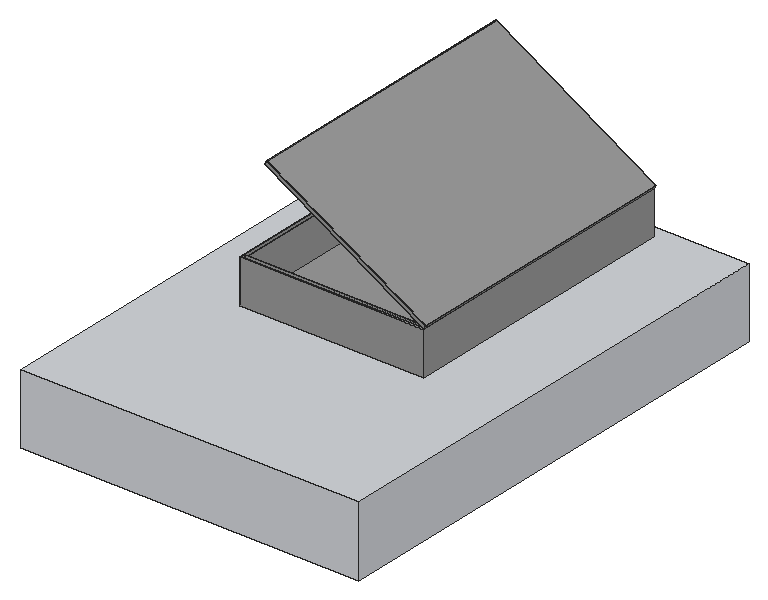
Revit family "Hager-Univers-IP54-D205-H1250-Cl.II-Encl-CH-it", category Equipement électrique, Revit 2020
Family settings
  Hôte = Face
  Configuration du panneau = Deux colonnes, circuits au sein
  Cote de connecteur circulaire = Utiliser le diamètre
  Type d'élément = Tableau de raccordement
  Couper avec des vides une fois chargée = Non
  Partagée = Non
  Point de calcul de pièce = Non
Parameters (values of type "A parete IP54 L800 A1250 P205  - FP83QSW")
  Width Control [instance] = if([EF000008 - Larghezza] > Min Width, [EF000008 - Larghezza], Min Width)  # 800 mm
  Commentaires du type = [HG000003 - Gamma]  # "Univers"
  Thickness Door [instance] = if([EF009171 - spessore materiale porta/coperchio] > 3 mm, 3 mm, [EF009171 - spessore materiale porta/coperchio])  # 1 mm
  Seal Frame Offset [instance] = 17 mm  # constant formula
  Plinth Visibility [instance] = [HG000027 - Altezza dello zoccolo] > 0 mm  # no
  Model = ""
  Min Width [instance] = 100 mm  # constant formula
  Min Height [instance] = 100 mm  # constant formula
  Min Depth [instance] = (2 * [EF009170 - spessore materiale scatola]) + 1 mm  # 3 mm
  Internal Frame Depth [instance] = (Door System Depth * 0.5)  # 9 mm
  Height Control [instance] = if([EF000040 - Altezza] > Min Height, [EF000040 - Altezza], Min Height)  # 1250 mm
  HG000027 - Altezza dello zoccolo = 0 mm
  HG000026 - A pavimento = no
  HG000024 - Altezza della sezione inferiore = 800 mm
  HG000023 - Custodia a doppia sezione = no
  HG000016 - Visibilità delle porte nella vista 3D [instance] = yes
  HG000015 - Visibilità attraverso la porta [instance] = no
  HG000014 - Porta destra [instance] = yes
  HG000013 - Porta sinistra [instance] = not([HG000014 - Porta destra])  # no
  HG000012 - Angolo di apertura della porta [instance] = 30.00°
  HG000010 - Porte asimmetriche = no
  HG000009 - Porta doppia a battente = no
  HG000006 - Ad incasso = no
  HG000004 - Codice produttore = "FP83QSW"
  HG000003 - Gamma = "Univers"
  HG000002 - Con porta = yes
  Frame Offset Bottom [instance] = 10 mm  # constant formula
  Frame Offset [instance] = 15 mm  # constant formula
  EF015940 - Coprire con rilascio di sovrapressione = no
  EF011959 - tipo di protezione (NEMA) = ""
  EF009554 - numero delle aperture per la piastra della flangia = 6
  Fabricant = "Hager"  # constant formula
  EF009212 - esecuzione coperchio = "EV000116 - chiuso"
  EF009171 - spessore materiale porta/coperchio = 1 mm
  EF009170 - spessore materiale scatola = 1 mm
  EF008873 - corrente nominale (In) = 250 A
  EF007800 - adatto per parafulmine = no
  EF006306 - con serratura = no
  EF006244 - coperchio/porta trasparente = no
  EF005474 - grado di protezione (IP) = "EV006419 - IP54"
  EF004464 - tipo di porta = "EV002646 - singolo"
  EF004427 - numero di moduli = 288
  EF004293 - resistenza agli urti = "EV006815 - IK09"
  EF003532 - adatto per uso esterno = no
  EF002950 - Numero moduli DIN = 36
  EF001613 - Integrità del circuito = "EV000494 - senza"
  EF001596 - Attacco Lampada = "EV000179 - acciaio"
  EF001131 - profondità interna = 143 mm
  EF001088 - possibilità di applicazione = yes
  EF000437 - numero di ingressi per conduttori = 6
  EF000339 - tipo di copertura = "EV001012 - coperchio"
  EF000266 - numero di file = 8
  EF000218 - profondità di incasso = 0 mm
  EF000118 - con piastra di montaggio = no
  EF000116 - numero RAL = "9010"
  EF000049 - profondità = 205 mm
  EF000040 - Altezza = 1250 mm
  EF000008 - Larghezza = 800 mm
  EF000007 - colore = "EV000202 - bianco"
  EF000003 - Tipo di montaggio = "EV000384 - A parete"
  Door System Leaf Tolerance [instance] = 1.5 mm  # constant formula
  Door System Depth [instance] = 18 mm  # constant formula
  Door Height [instance] = Height Control - [HG000027 - Altezza dello zoccolo]  # 1250 mm
  Depth Control [instance] = if([EF000049 - profondità] > Min Depth, [EF000049 - profondità], Min Depth)  # 205 mm
  Default Elevation = 0 mm
  Connector Offset [instance] = Height Control / 2  # 625 mm
  Bottom Top Plate Trim [instance] = 1.5 mm  # constant formula
  Plinth height Ctrl [instance] = if([HG000027 - Altezza dello zoccolo] > 0 mm, [HG000027 - Altezza dello zoccolo], 12 mm)  # 12 mm
Types (5, lengths in mm): name | Width Control | HG000009 - Porta doppia a battente | HG000004 - Codice produttore | EF009554 - numero delle aperture per la piastra della flangia | EF004464 - tipo di porta | EF004427 - numero di moduli | EF002950 - Numero moduli DIN | EF001131 - profondità interna | EF000437 - numero di ingressi per conduttori | EF000339 - tipo di copertura | EF000008 - Larghezza
  A parete IP54 L1050 A1250 P205  - FP84QSW | 1050 | yes | "FP84QSW" | 8 | "EV003602 - doppio" | 384 | 48 | 143 | 8 | "EV001012 - coperchio" | 1050
  A parete IP54 L1300 A1250 P205  - FP85QSW | 1300 | no | "FP85QSW" | 10 | "EV003602 - doppio" | 480 | 60 | 130 | 10 | "EV004216 - porta" | 1300
  A parete IP54 L300 A1250 P205  - FP81QSW | 300 | no | "FP81QSW" | 2 | "EV002646 - singolo" | 96 | 12 | 130 | 2 | "EV004216 - porta" | 300
  A parete IP54 L550 A1250 P205  - FP82QSW | 550 | no | "FP82QSW" | 4 | "EV002646 - singolo" | 192 | 24 | 130 | 4 | "EV004216 - porta" | 550
  A parete IP54 L800 A1250 P205  - FP83QSW | 800 | no | "FP83QSW" | 6 | "EV002646 - singolo" | 288 | 36 | 143 | 6 | "EV001012 - coperchio" | 800
Reference planes
  plane 1 "Center (Front/Back)": y = 0
  plane 2: z = 0
  plane 3 "Center (Left/Right)": x = 0
  plane 4: z = 205
  plane 5: y = 1
  plane 6: y = 625
  plane 7: y = 0
  plane 8: y = 1250
  plane 9: z = 0
  plane 10: x = -385
  plane 11: x = 385
  plane 12: x = 384
  plane 13: x = -384
  plane 14: y = 1249
  plane 15: x = -383
  plane 16: x = -400
  plane 17: x = 383
  plane 18: x = 400
  plane 19: x = 399
  plane 20: x = -399
  plane 21: y = 11
  plane 22: y = 1250
  plane 23: y = 1234
  plane 24: z = 187
  plane 25: z = 1
  plane 26: z = 186
  plane 27: z = 204
Forms (mm)
  Extrusion 1, solid
    sketch origin (0, 0, 0) x (1, 0, 0) y (0, 1, 0)
      loop
        line (-702.964, 1305) -> (-702.964, -811.445) -> (766.763, -811.445) -> (766.763, 1305) -> (-702.964, 1305)
    from 0 to -304.8
  Extrusion 2, solid, material "Hager_Steel_RAL7035_Light_Grey", visible <- "Plinth Visibility", detail levels medium+fine
    sketch origin (0, 0, 0) x (1, 0, 0) y (0, 1, 0)
      loop
        line (-400, 0) -> (400, 0) -> (400, 12) -> (-400, 12) -> (-400, 0)
    from 0 to 187
  Extrusion 3, solid, material "Hager_Steel_RAL7035_Light_Grey", detail levels medium+fine
    sketch origin (0, 0, 0) x (1, 0, 0) y (0, 1, 0)
      loop
        line (-400, 0) -> (400, 0) -> (400, 1250) -> (-400, 1250) -> (-400, 0)
    from 0 to 187
  Extrusion 4, void
    sketch origin (0, 0, 0) x (1, 0, 0) y (0, 1, 0)
      loop
        line (-399, 1) -> (399, 1) -> (399, 1249) -> (-399, 1249) -> (-399, 1)
    from 1 to 186
  Extrusion 5, void
    sketch origin (-381.607, -4572, 187) x (0, -1, 0) y (-1, 0, 0)
      loop
        line (-4583, 2.393) -> (-5806, 2.393) -> (-5806, -765.607) -> (-4583, -765.607) -> (-4583, 2.393)
    from 0 to 1 <- "EF009170 - spessore materiale scatola"
  Extrusion 6, solid, material "Hager_Steel_RAL7035_Light_Grey", detail levels fine
    sketch origin (0, 0, 187) x (1, 0, 0) y (0, 1, 0)
      loop
        line (-384, 1234) -> (-384, 11) -> (384, 11) -> (384, 1234) -> (-384, 1234)
      loop
        line (-385, 10) -> (385, 10) -> (385, 1235) -> (-385, 1235) -> (-385, 10)
    from 0 to 9 <- "Internal Frame Depth"
  Extrusion 7, solid, material "Hager_Steel_RAL7035_Light_Grey", detail levels coarse
    sketch origin (0, 0, 0) x (1, 0, 0) y (0, 1, 0)
      loop
        line (-400, 0) -> (400, 0) -> (400, 1250) -> (-400, 1250) -> (-400, 0)
    from 0 to 205
  Sweep 8, void
    path in 3D
      loop
        line (-400, 12, 0) -> (400, 12, 0) -> (400, 12, 187) -> (-400, 12, 187) -> (-400, 12, 0)
    profile origin (-400, 12, 93.5) x (-1, 0, 0) y (0, -1, 0)
      loop
        line (0, 0) -> (0, 1.5) -> (-1.5, 1.5)
        arc (-1.5, 1.5) -> (-1.061, 0.439) -> (0, 0) r 1.5
Cuts and joins
  Extrusion 4, Extrusion 5 cuts Extrusion 3
  Sweep 8 cuts Extrusion 2
Lines and regions (mm)
  Masking region 1
    outline origin (0, 0, 0) x (1, 0, 0) y (0, 0, 1)
      loop
        line (-400, 205) -> (-400, 0) -> (400, 0) -> (400, 205) -> (-400, 205)
  Masking region 2, detail levels medium+fine
    outline origin (0, 140, 0) x (0, 1, 0) y (0, 0, 1)
      loop
        line (-140, 0) -> (1110, 0) -> (1110, 187) -> (-140, 187) -> (-140, 0)
  Masking region 3, not visible, detail levels medium+fine
    outline origin (0, 297.922, 0) x (0, 1, 0) y (0, 0, 1)
      loop
        line (338.578, 0) -> (378.578, 0) -> (378.578, 194)
        arc (378.578, 194) -> (375.649, 201.071) -> (368.578, 204) r 10
        line (368.578, 204) -> (338.578, 204) -> (338.578, 0)
  Masking region 4, detail levels coarse
    outline origin (0, 0, 180) x (0, 1, 0) y (0, 0, 1)
      loop
        line (0, -180) -> (1250, -180) -> (1250, 25) -> (0, 25) -> (0, -180)
  Masking region 5, visible <- "Plinth Visibility", detail levels medium+fine
    outline origin (0, 52.24, 12.345) x (0, 0, -1) y (0, 1, 0)
      loop
        line (10.845, -40.24) -> (-173.155, -40.24)
        arc (-173.155, -40.24) -> (-173.594, -41.301) -> (-174.655, -41.74) r 1.5
        line (-174.655, -41.74) -> (-174.655, -52.24) -> (12.345, -52.24) -> (12.345, -41.74)
        arc (12.345, -41.74) -> (11.285, -41.301) -> (10.845, -40.24) r 1.5
  Masking region 6, detail levels medium+fine
    outline origin (-381.607, -4572, 187) x (-1, 0, 0) y (0, -1, 0)
      loop
        line (18.393, -5822) -> (18.393, -4572) -> (-781.607, -4572) -> (-781.607, -5822) -> (18.393, -5822)
  Masking region 7, visible <- "Plinth Visibility", detail levels medium+fine
    outline origin (-381.607, -4727, 187) x (-1, 0, 0) y (0, -1, 0)
      loop
        arc (16.893, -4739) -> (17.332, -4737.939) -> (18.393, -4737.5) r 1.5
        line (18.393, -4737.5) -> (18.393, -4727) -> (-781.607, -4727) -> (-781.607, -4737.5)
        arc (-781.607, -4737.5) -> (-780.546, -4737.939) -> (-780.107, -4739) r 1.5
        line (-780.107, -4739) -> (16.893, -4739)
  Masking region 8, detail levels coarse
    outline origin (-442.548, -4669.526, 187) x (-1, 0, 0) y (0, -1, 0)
      loop
        line (-42.548, -5919.526) -> (-42.548, -4669.526) -> (-842.548, -4669.526) -> (-842.548, -5919.526) -> (-42.548, -5919.526)
  sketch lines
    curve 1: line (-400, 12, 187) -> (-400, 12, 0)
    curve 2: line (400, 12, 187) -> (-400, 12, 187)
    curve 3: line (400, 12, 187) -> (400, 12, 0)
    curve 4: line (-400, 12, 0) -> (400, 12, 0)
Dimensions and locks
  "Depth Control": plane 4 to Extrusion 1
  "HG000027 - Altezza dello zoccolo": plane 1 "Center (Front/Back)" to plane 7
  "EF009170 - spessore materiale scatola": plane 5 to plane 7
  locked: connector elem to plane 3 "Center (Left/Right)"
  equal spacing: plane 8, plane 6, plane 7
  locked: connector elem to plane 6
  "EF009170 - spessore materiale scatola": plane 8 to plane 14
  "EF009170 - spessore materiale scatola": plane 10 to plane 13
  "EF009170 - spessore materiale scatola": plane 12 to plane 11
  "Frame Offset": plane 20 to plane 13
  "Frame Offset": plane 12 to plane 19
  "EF009170 - spessore materiale scatola": plane 16 to plane 20
  "EF009170 - spessore materiale scatola": plane 19 to plane 18
  "Seal Frame Offset": plane 16 to plane 15
  "Seal Frame Offset": plane 17 to plane 18
  "Frame Offset Bottom": plane 21 to plane 5
  "Frame Offset": plane 14 to plane 23
  equal spacing: plane 16, plane 3 "Center (Left/Right)", plane 18
  "Width Control": plane 16 to plane 18
  "EF009170 - spessore materiale scatola": plane 4 to plane 27
  "EF009170 - spessore materiale scatola": plane 24 to plane 26
  "EF009170 - spessore materiale scatola": plane 25 to level
  "Door System Depth": plane 4 to plane 24
  "Height Control": plane 1 "Center (Front/Back)" to Extrusion 7 sketch curve
  "Height Control": Masking region 4 sketch curve to plane 1 "Center (Front/Back)"
  "Height Control": plane 1 "Center (Front/Back)" to plane 22
  "Bottom Top Plate Trim": profile plane to Sweep 8 sketch curve
  "Bottom Top Plate Trim": Sweep 8 sketch curve to profile plane
  "Plinth height Ctrl": plane 1 "Center (Front/Back)" to Extrusion 2 sketch curve
  "Plinth height Ctrl": Masking region 5 sketch curve to plane 1 "Center (Front/Back)"
  "Plinth height Ctrl": plane 1 "Center (Front/Back)" to Masking region 7 sketch curve
  "Thickness Door": Extrusion 6 sketch curve to Extrusion 6 sketch curve  (x3)
  "Thickness Door": cut or joined group of Extrusion 3, Extrusion 4, Extrusion 5 to Extrusion 6 sketch curve
  radius of Masking region 3 sketch curve = 10 mm
  "Bottom Top Plate Trim": radius of Masking region 5 sketch curve  (x2)
  "Bottom Top Plate Trim": radius of Sweep 8 sketch curve
  "Bottom Top Plate Trim": radius of Masking region 7 sketch curve  (x2)
  aligned and locked: plane 2 to Extrusion 1
  aligned and locked: level to Extrusion 1
  aligned and locked: level to Masking region 1 sketch curve
  aligned and locked: Masking region 1 sketch curve to plane 18
  aligned and locked: Masking region 1 sketch curve to plane 16
  aligned and locked: plane 7 to Masking region 2 sketch curve
  aligned and locked: level to Masking region 3 sketch curve
  aligned and locked: Masking region 3 sketch curve to plane 27
  aligned and locked: level to Masking region 2 sketch curve
  aligned and locked: plane 1 "Center (Front/Back)" to Extrusion 2 sketch curve
  aligned and locked: Extrusion 3 sketch curve to plane 7
  aligned and locked: plane 16 to Extrusion 3 sketch curve
  aligned and locked: plane 18 to Extrusion 3 sketch curve
  aligned and locked: plane 20 to Extrusion 4 sketch curve
  aligned and locked: plane 19 to Extrusion 4 sketch curve
  aligned and locked: Extrusion 4 sketch curve to plane 5
  aligned and locked: Extrusion 4 to plane 25
  aligned and locked: plane 26 to Extrusion 4
  aligned and locked: plane 24 to Extrusion 3
  aligned and locked: Extrusion 5 sketch curve to plane 21
  aligned and locked: Extrusion 5 sketch curve to plane 13
  aligned and locked: Extrusion 5 sketch curve to plane 12
  aligned and locked: plane 18 to Extrusion 7 sketch curve
  aligned and locked: plane 1 "Center (Front/Back)" to Extrusion 7 sketch curve
  aligned and locked: plane 16 to Extrusion 7 sketch curve
  aligned and locked: plane 4 to Extrusion 7
  aligned and locked: Extrusion 7 to level
  aligned and locked: level to Masking region 4 sketch curve
  aligned and locked: Masking region 4 sketch curve to plane 1 "Center (Front/Back)"
  aligned and locked: Masking region 4 sketch curve to plane 4
  aligned and locked: nested 1 to level
  aligned and locked: nested 1 to plane 16
  aligned and locked: plane 8 to Extrusion 3 sketch curve
  aligned and locked: plane 23 to Extrusion 5 sketch curve
  aligned and locked: plane 14 to Extrusion 4 sketch curve
  aligned and locked: Masking region 2 sketch curve to plane 8
  aligned and locked: level to Masking region 5 sketch curve
  aligned and locked: plane 16 to Extrusion 2 sketch curve
  aligned and locked: plane 18 to Extrusion 2 sketch curve
  aligned and locked: Masking region 5 sketch curve to plane 24
  aligned and locked: Masking region 2 sketch curve to plane 24
  aligned and locked: plane 24 to Extrusion 2
  aligned and locked: profile plane to Sweep 8 sketch curve  (x2)
  aligned and locked: Masking region 6 sketch curve to plane 18
  aligned and locked: Masking region 6 sketch curve to plane 22
  aligned and locked: Masking region 6 sketch curve to plane 16
  aligned and locked: plane 8 to plane 22
  aligned and locked: Masking region 6 sketch curve to plane 7
  aligned and locked: Masking region 7 sketch curve to plane 16
  aligned and locked: Masking region 7 sketch curve to plane 1 "Center (Front/Back)"
  aligned and locked: Masking region 7 sketch curve to plane 18
  aligned and locked: Masking region 8 sketch curve to plane 1 "Center (Front/Back)"
  aligned and locked: Masking region 8 sketch curve to plane 18
  aligned and locked: Masking region 8 sketch curve to plane 22
  aligned and locked: Masking region 8 sketch curve to plane 16
  aligned and locked: nested 2 to plane 7
  aligned and locked: plane 3 "Center (Left/Right)" to nested 2
  aligned and locked: nested 2 to plane 24
  aligned and locked: Extrusion 6 sketch curve to cut or joined group of Extrusion 3, Extrusion 4, Extrusion 5  (x4)
Automatic sketch dimensions
  Extrusion 1 sketch curve to Extrusion 1 sketch curve = 1469.727 mm
  Extrusion 1 sketch curve to Extrusion 1 sketch curve = 2116.445 mm
  Masking region 1 sketch curve to plane 4 = 0 mm
  plane 6 to Masking region 3 sketch curve = 11.5 mm
  Masking region 3 sketch curve to Masking region 3 sketch curve = 30 mm
  Masking region 5 sketch curve to plane 1 "Center (Front/Back)" = 0 mm
Nested families
  nested 1: "Hager_Enclosure_Symbol" at (-400, 0, 0) x (1, 0, 0) z (0, -1, 0), Height <- "Depth Control", Width <- "Width Control", type "Hager_Enclosure_Symbol"
    with Width_Ctrl 800 mm, Width 800 mm, Height_Ctrl 205 mm, Height 205 mm, A_Width_Int 13.453 mm, A_Width 161.438 mm, A_Height_Ctrl 179.375 mm, A_Height 179.375 mm
  nested 2: "EC000058_Univers_Door" at (0, 0, 187) x (1, 0, 0) z (0, 1, 0), Leaf_Tolerance <- "Door System Leaf Tolerance", Angle <- "HG000012 - Angolo di apertura della porta", Door_Depth <- "Door System Depth", Door_Left <- "HG000013 - Porta sinistra", Transparent <- "EF006244 - coperchio/porta trasparente", Assymetrical <- "HG000010 - Porte asimmetriche", Width <- "Width Control", Clearance <- "HG000015 - Visibilità attraverso la porta", Double <- "HG000009 - Porta doppia a battente", 3d_Door <- "HG000016 - Visibilità delle porte nella vista 3D", Lock_Visibility <- "EF006306 - con serratura", Width_Ctrl <- "Width Control", Door_Right <- "HG000014 - Porta destra", Door <- "HG000002 - Con porta", Height <- "Door Height", Thickness <- "Thickness Door", type "EC000058_Univers_Door", detail levels medium+fine
    with min_wh 3 mm, Width_Ctrl 800 mm, Width 800 mm, Transparent no, Thickness 1 mm, Seal_Material Hager_Rubber, Lock_Visibility no, Lock_Material Hager_Plastic_RAL9005_Jet_Black, Leaf_Width 800 mm, Leaf_Tolerance_External_Sides 0 mm, Leaf_Tolerance 1.5 mm, Leaf_Offset 0 mm, Leaf_Height 1247 mm, Leaf_2_Width 800 mm, Leaf_2_Offset 400 mm, Leaf_1_Width 800 mm, Leaf_1_Offset 400 mm, Height_Ctrl 1250 mm, Height 1250 mm, Glass_Material Hager_Glass, Double_Clearance_Ctrl no, Double no, Door_Right_Ctrl yes, Door_Right yes, Door_Material Hager_Steel_RAL7035_Light_Grey, Door_Left_Ctrl no, Door_Left no, Door_Depth 18 mm, Door yes, Clearance_Material Hager_Clearance, Clearance_Depth 800 mm, Clearance_Ctrl no, Clearance no, Assymetrical no, Angle 30.00°, 3d_Door yes
Connectors
  electrical at (0, 625, 0)
    settings: on plane 9, index 1, voltage 0 V, apparent load 0 VA, apparent load phase1 0 VA, apparent load phase2 0 VA, apparent load phase3 0 VA, power factor 1, load classification "Other", number of poles 1, system type 30, power factor state 1, is connector primary yes, connector utility no, sub classification motor no, connector description ""
Definition of nested family "EC000058_Univers_Door"
  Parameters (values of type "EC000058_Univers_Door")
    min_wh [instance] = (2 * Thickness) + 1 mm  # 11 mm
    Width_Ctrl [instance] = 400 mm
    Width [instance] = 500 mm
    Transparent [instance] = yes
    Thickness [instance] = 5 mm
    Seal_Material [instance] = none
    Lock_Visibility [instance] = yes
    Lock_Material [instance] = none
    Leaf_Width [instance] = if((Width_Ctrl - 2 * Leaf_Tolerance_External_Sides) > 0 mm, (Width_Ctrl - 2 * Leaf_Tolerance_External_Sides), min_wh)  # 400 mm
    Leaf_Tolerance_External_Sides [instance] = 0 mm  # constant formula
    Leaf_Tolerance [instance] = 1.5 mm
    Leaf_Offset [instance] = 0 mm  # constant formula
    Leaf_Height [instance] = if((Height_Ctrl - 2 * Leaf_Tolerance) > 0 mm, (Height_Ctrl - 2 * Leaf_Tolerance), min_wh)  # 497 mm
    Leaf_2_Width [instance] = if(and(and(Double, Assymetrical), Door_Left), (Leaf_Width / 3) - (Leaf_Tolerance / 2), if(and(and(Double, Assymetrical), Door_Right), (Leaf_Width / 3) * 2 - (Leaf_Tolerance / 2), if(and(Double, not(Assymetrical)), (Leaf_Width / 2) - Leaf_Tolerance, Leaf_Width)))  # 400 mm
    Leaf_2_Offset [instance] = if(and(Double, Assymetrical), Leaf_2_Width / 2, if(and(Double, not(Assymetrical)), Leaf_Width / 4, Leaf_Width / 2))  # 200 mm
    Leaf_1_Width [instance] = if(and(and(Double, Assymetrical), Door_Right), (Leaf_Width / 3) - (Leaf_Tolerance / 2), if(and(and(Double, Assymetrical), Door_Left), (Width / 3) * 2 - (Leaf_Tolerance / 2), if(and(Double, not(Assymetrical)), (Leaf_Width / 2) - Leaf_Tolerance, Leaf_Width)))  # 400 mm
    Leaf_1_Offset [instance] = if(and(Double, Assymetrical), Leaf_1_Width / 2, if(and(Double, not(Assymetrical)), Leaf_Width / 4, Leaf_Width / 2))  # 200 mm
    Height_Ctrl [instance] = if(Height > min_wh, Height, min_wh)  # 500 mm
    Height [instance] = 500 mm
    Glass_Material [instance] = none
    Double_Clearance_Ctrl [instance] = and(Double, Clearance)  # no
    Double [instance] = no
    Door_Right_Ctrl [instance] = and(or(Door_Right, Double), Door)  # yes
    Door_Right [instance] = yes
    Door_Material [instance] = none
    Door_Left_Ctrl [instance] = and(or(Door_Left, Double), Door)  # no
    Door_Left [instance] = no
    Door_Depth [instance] = 30 mm
    Door [instance] = yes
    Default Elevation = 1219.2 mm
    Clearance_Material [instance] = none
    Clearance_Depth [instance] = if(Leaf_1_Width > Leaf_2_Width, Leaf_1_Width, Leaf_2_Width)  # 400 mm
    Clearance_Ctrl [instance] = and(not(Double), Clearance)  # yes
    Clearance [instance] = yes
    Assymetrical [instance] = yes
    Angle [instance] = 30.00°
    3d_Door [instance] = yes
  Reference planes
    plane 1 "Center (Front/Back)": y = 0
    plane 2 "Bottom": z = 0
    plane 3 "Center (Left/Right)": x = 0
    plane 4: z = 500
    plane 5: x = -200
    plane 6: x = 200
    plane 7: z = 500
    plane 8: x = -200
    plane 9: z = 0
    plane 10: x = 200
    plane 11: y = 0
    plane 12: z = 1.5
    plane 13: x = -600
    plane 14: y = -400
    plane 15: x = 600
    plane 16: x = 0
    plane 17: x = 0
    plane 18: x = -200
    plane 19: x = 200
    plane 20: z = 498.5
  Forms (mm)
    Extrusion 1, solid, material <- "Clearance_Material", visible <- "Double_Clearance_Ctrl"
      sketch origin (1200, 0, 0) x (1, 0, 0) y (0, 0, -1)
        loop
          line (-1800, -498.5) -> (-600, -498.5) -> (-600, 0) -> (-1800, 0) -> (-1800, -498.5)
      from 0 to -400
  Dimensions and locks
    equal spacing: plane 5, plane 3 "Center (Left/Right)", plane 6
    "Width_Ctrl": plane 5 to plane 6
    "Leaf_Offset": plane 5 to plane 8
    "Leaf_Offset": plane 6 to plane 10
    "Leaf_Offset": plane 9 to level
    "Leaf_Offset": plane 4 to plane 7
    "Height_Ctrl": plane 4 to level
    "Leaf_Tolerance": plane 12 to plane 9
    locked: plane 11 to plane 1 "Center (Front/Back)"
    "Leaf_1_Offset": plane 18 to plane 16
    "Leaf_2_Offset": plane 17 to plane 19
    "Leaf_1_Width": plane 13 to plane 8
    "Leaf_2_Width": plane 10 to plane 15
    "Clearance_Depth": plane 14 to plane 1 "Center (Front/Back)"
    "Leaf_Tolerance_External_Sides": plane 8 to plane 18
    "Leaf_Tolerance_External_Sides": plane 19 to plane 10
    "Leaf_Tolerance": plane 7 to plane 20
    aligned and locked: level to plane 2 "Bottom"
    aligned and locked: nested 1 to plane 16
    aligned and locked: nested 2 to plane 17
    aligned and locked: Extrusion 1 to plane 13
    aligned and locked: plane 15 to Extrusion 1
    aligned and locked: Extrusion 1 to plane 14
    aligned and locked: plane 12 to nested 1
    aligned and locked: nested 2 to plane 12
    aligned and locked: Extrusion 1 to plane 11
    aligned and locked: plane 20 to Extrusion 1
    aligned and locked: nested 2 to plane 11
    aligned and locked: nested 1 to plane 11
  Automatic sketch dimensions
    Extrusion 1 sketch curve to level = 0 mm
    plane 5 to Extrusion 1 sketch curve = 400 mm
    plane 6 to Extrusion 1 sketch curve = 400 mm
    Extrusion 1 sketch curve to plane 4 = 1.5 mm
  Nested families
    nested 1: "EC000058_Univers_Door_Leaf" at (0, 0, 1.5), Width <- "Leaf_1_Width", visible <- "Door_Left_Ctrl", Leaf_Height <- "Leaf_Height", Angle <- "Angle", 3d_Door <- "3d_Door", Transparent <- "Transparent", Clearance Material <- "Clearance_Material", Clearance <- "Clearance_Ctrl", Door_Material <- "Door_Material", Glass_Material <- "Glass_Material", Door_Depth <- "Door_Depth", Lock_Material <- "Lock_Material", Seal_Material <- "Seal_Material", Lock_Visibility <- "Lock_Visibility", Thickness <- "Thickness", type "EC000058_Univers_Door_Leaf"
      with Width 400 mm, Transparent_Glass_Offset 30 mm, Transparent_Ctrl yes, Transparent yes, Thickness 5 mm, Standard no, Seal_Material none, Seal_D2 8 mm, Seal_D1 1 mm, Offset_Internal_Frame 10 mm, Lock_Width 20 mm, Lock_Visibility_3d yes, Lock_Visibility yes, Lock_Thickness_3 3 mm, Lock_Thickness_2 1 mm, Lock_Thickness_1 3 mm, Lock_Radius_Offset_2 16 mm, Lock_Radius_Offset_1 15 mm, Lock_Radius_2 5 mm, Lock_Radius 6 mm, Lock_Offset 5 mm, Lock_Material none, Lock_Height 80 mm, Lock_Cover_Top_Offset_2d 17 mm, Lock_Cover_Height -65 mm, Leaf_Height 497 mm, Internal_Seal_Thickness 8 mm, Internal_Seal_Depth_2 4.5 mm, Internal_Frame_Depth 25 mm, Glass_Thickness -1 mm, Glass_Offset -2 mm, Glass_Material none, Door_Material none, Door_Depth 30 mm, Clearance Material none, Clearance yes, Angle_Ctrl 30.00°, Angle 30.00°, 3d_Door yes
    nested 2: "EC000058_Univers_Door_Leaf" at (0, 0, 1.5) x (-1, 0, 0) z (0, 0, 1), Width <- "Leaf_2_Width", visible <- "Door_Right_Ctrl", Leaf_Height <- "Leaf_Height", Angle <- "Angle", 3d_Door <- "3d_Door", Transparent <- "Transparent", Clearance Material <- "Clearance_Material", Clearance <- "Clearance_Ctrl", Door_Material <- "Door_Material", Glass_Material <- "Glass_Material", Door_Depth <- "Door_Depth", Lock_Material <- "Lock_Material", Seal_Material <- "Seal_Material", Lock_Visibility <- "Lock_Visibility", Thickness <- "Thickness", type "EC000058_Univers_Door_Leaf"
      with Width 400 mm, Transparent_Glass_Offset 30 mm, Transparent_Ctrl yes, Transparent yes, Thickness 5 mm, Standard no, Seal_Material none, Seal_D2 8 mm, Seal_D1 1 mm, Offset_Internal_Frame 10 mm, Lock_Width 20 mm, Lock_Visibility_3d yes, Lock_Visibility yes, Lock_Thickness_3 3 mm, Lock_Thickness_2 1 mm, Lock_Thickness_1 3 mm, Lock_Radius_Offset_2 16 mm, Lock_Radius_Offset_1 15 mm, Lock_Radius_2 5 mm, Lock_Radius 6 mm, Lock_Offset 5 mm, Lock_Material none, Lock_Height 80 mm, Lock_Cover_Top_Offset_2d 17 mm, Lock_Cover_Height -65 mm, Leaf_Height 497 mm, Internal_Seal_Thickness 8 mm, Internal_Seal_Depth_2 4.5 mm, Internal_Frame_Depth 25 mm, Glass_Thickness -1 mm, Glass_Offset -2 mm, Glass_Material none, Door_Material none, Door_Depth 30 mm, Clearance Material none, Clearance yes, Angle_Ctrl 30.00°, Angle 30.00°, 3d_Door yes
  Definition of nested family "EC000058_Univers_Door_Leaf"
    Parameters (values of type "EC000058_Univers_Door_Leaf")
      Width [instance] = 2000 mm
      Transparent_Glass_Offset [instance] = 30 mm
      Transparent_Ctrl [instance] = and(Transparent, [3d_Door])  # yes
      Transparent [instance] = yes
      Thickness [instance] = 5 mm
      Standard [instance] = and(not(Transparent), [3d_Door])  # no
      Seal_Material [instance] = none
      Seal_D2 [instance] = 8 mm  # constant formula
      Seal_D1 [instance] = 1 mm  # constant formula
      Offset_Internal_Frame [instance] = 10 mm  # constant formula
      Lock_Width [instance] = 20 mm  # constant formula
      Lock_Visibility_3d [instance] = and(Lock_Visibility, [3d_Door])  # yes
      Lock_Visibility [instance] = yes
      Lock_Thickness_3 [instance] = 3 mm  # constant formula
      Lock_Thickness_2 [instance] = 1 mm  # constant formula
      Lock_Thickness_1 [instance] = 3 mm  # constant formula
      Lock_Radius_Offset_2 [instance] = Lock_Radius_Offset_1 + 1 mm  # 16 mm
      Lock_Radius_Offset_1 [instance] = 15 mm  # constant formula
      Lock_Radius_2 [instance] = Lock_Radius - 1 mm  # 5 mm
      Lock_Radius [instance] = 6 mm  # constant formula
      Lock_Offset [instance] = 5 mm  # constant formula
      Lock_Material [instance] = none
      Lock_Height [instance] = 80 mm  # constant formula
      Lock_Cover_Top_Offset_2d [instance] = Lock_Radius_Offset_2 + 1 mm  # 17 mm
      Lock_Cover_Height [instance] = -(Lock_Height - Lock_Radius_Offset_1)  # -65 mm
      Leaf_Height [instance] = 2720.336 mm
      Internal_Seal_Thickness [instance] = 8 mm  # constant formula
      Internal_Seal_Depth_2 [instance] = 4.5 mm  # constant formula
      Internal_Frame_Depth [instance] = if(Door_Depth - Thickness > 5 mm, Door_Depth - Thickness, 5 mm)  # 25 mm
      Glass_Thickness [instance] = if(Thickness > 15 mm, Glass_Offset + 10 mm, -1 mm)  # -1 mm
      Glass_Offset [instance] = if(Thickness > 15 mm, -(Thickness + 10 mm) / 2, -2 mm)  # -2 mm
      Glass_Material [instance] = none
      Door_Material [instance] = none
      Door_Depth [instance] = 30 mm
      Default Elevation = 0 mm
      Clearance Material [instance] = none
      Clearance [instance] = yes
      Angle_Ctrl [instance] = if(Angle > 180.00°, 180.00°, Angle)  # 90.00°
      Angle [instance] = 90.00°
      3d_Door [instance] = yes
    Reference planes
      plane 1 "Center (Front/Back)": y = 0
      plane 2: z = 0
      plane 3 "Center (Left/Right)": x = 0
      plane 4: y = 2000
      plane 5: x = -1000
      plane 6: x = 1000
      plane 7: x = -3000
      plane 8: z = 2720.336
      plane 9: z = 30
      plane 10: z = 2690.336
      plane 11: x = 970
      plane 12: x = -970
      plane 13: y = -3
      plane 14: z = 107.833
      plane 15: y = -5
      plane 16: y = -223.314
      plane 17: x = -1000
      plane 18: z = 1360.168
      plane 19: y = 30
    Forms (mm)
      Extrusion 1, solid, material <- "Clearance Material", visible <- "Clearance"
        sketch origin (0, 0, 0) x (1, 0, 0) y (0, 0, 1)
          loop
            line (-3000, 2720.336) -> (-3000, 0) -> (1000, 0) -> (1000, 2720.336) -> (-3000, 2720.336)
        from 0 to -2000
      Extrusion 2, solid, material <- "Door_Material", visible <- "Standard", detail levels medium+fine
        sketch origin (-1000, 0, 0) x (0, 1, 0) y (-1, 0, 0)
          loop
            line (0, 30) -> (0, 25) -> (2000, 25) -> (2000, 30) -> (0, 30)
        from 0 to 2720.336 <- "Leaf_Height"
      Extrusion 3, solid, material <- "Door_Material", visible <- "Transparent_Ctrl", detail levels medium+fine
        sketch origin (-1000, 0, 0) x (0, 1, 0) y (-1, 0, 0)
          loop
            line (0, 25) -> (2000, 25) -> (2000, 30) -> (0, 30) -> (0, 25)
        from 0 to 2720.336 <- "Leaf_Height"
      Extrusion 4, void
        sketch origin (-1025, 2000, 0) x (0, 1, 0) y (0, 0, -1)
          loop
            line (-30, -2690.336) -> (-30, -30) -> (-1970, -30) -> (-1970, -2690.336) -> (-30, -2690.336)
        from 0 to 5 <- "Thickness"
      Sweep 5, solid, material <- "Seal_Material", visible <- "Transparent_Ctrl", detail levels fine
        path in 3D
          loop
            line (-1025, 30, 30) -> (-1025, 30, 2690.336) -> (-1025, 1970, 2690.336) -> (-1025, 1970, 30) -> (-1025, 30, 30)
        profile origin (-1025, 1000, 30) x (1, 0, 0) y (0, 0, 1)
          loop
            line (0, 0) -> (0, -8) -> (1, -8) -> (1, 0) -> (0, 0)
      Extrusion 6, solid, material <- "Glass_Material", visible <- "Transparent_Ctrl", detail levels medium+fine
        sketch origin (-1030, 0, 0) x (0, 1, 0) y (0, 0, -1)
          loop
            line (1970, -2690.336) -> (1970, -30) -> (30, -30) -> (30, -2690.336) -> (1970, -2690.336)
        from -2 <- "Glass_Offset" to -1 <- "Glass_Thickness"
      Extrusion 7, solid, material <- "Door_Material", visible <- "3d_Door", detail levels medium+fine
        sketch origin (-1025, 2000, 0) x (0, -1, 0) y (0, 0, -1)
          loop
            line (0, -2720.336) -> (2000, -2720.336) -> (2000, 0) -> (0, 0) -> (0, -2720.336)
          loop
            line (1995, -5) -> (5, -5) -> (5, -2715.336) -> (1995, -2715.336) -> (1995, -5)
        from 0 to 25 <- "Internal_Frame_Depth"
      Sweep 8, solid, material <- "Seal_Material", visible <- "Transparent_Ctrl", detail levels fine
        path in 3D
          loop
            line (-1025, 0, 0) -> (-1025, 2000, 0) -> (-1025, 2000, 2720.336) -> (-1025, 0, 2720.336) -> (-1025, 0, 0)
        profile origin (-1025, 0, 1360.168) x (1, 0, 0) y (0, 1, 0)
          loop
            line (0, 10) -> (2.975, 10)
            arc (2.975, 10) -> (4.053, 10.447) -> (4.5, 11.525) r 1.525
            line (4.5, 11.525) -> (4.5, 16.527)
            arc (4.5, 16.527) -> (4.069, 17.569) -> (3.027, 18) r 1.473
            line (3.027, 18) -> (0, 18) -> (0, 10)
      Extrusion 9, solid, material <- "Lock_Material", visible <- "Lock_Visibility_3d", detail levels fine
        sketch origin (-1030, 0, 0) x (0, 1, 0) y (0, 0, -1)
          loop
            arc (1993.5, -1400.168) -> (1994.561, -1399.729) -> (1995, -1398.668) r 1.5
            line (1995, -1398.668) -> (1995, -1320.168) -> (1975, -1320.168) -> (1975, -1398.668)
            arc (1975, -1398.668) -> (1975.439, -1399.729) -> (1976.5, -1400.168) r 1.5
            line (1976.5, -1400.168) -> (1993.5, -1400.168)
        from 3 <- "Lock_Thickness_1" to 0
      Blend 10, solid, material <- "Lock_Material", visible <- "Lock_Visibility_3d", detail levels fine
        base sketch origin (-1033, 0, 0) x (0, 1, 0) y (0, 0, -1)
          loop
            line (1975, -1320.168) -> (1975, -1398.668)
            arc (1975, -1398.668) -> (1975.439, -1399.729) -> (1976.5, -1400.168) r 1.5
            line (1976.5, -1400.168) -> (1993.5, -1400.168)
            arc (1993.5, -1400.168) -> (1994.561, -1399.729) -> (1995, -1398.668) r 1.5
            line (1995, -1398.668) -> (1995, -1320.168) -> (1975, -1320.168)
        top sketch origin (-1033, 0, 0) x (0, 1, 0) y (0, 0, -1)
          loop
            line (1976, -1320.168) -> (1976, -1398.668)
            arc (1976, -1398.668) -> (1976.146, -1399.022) -> (1976.5, -1399.168) r 0.5
            line (1976.5, -1399.168) -> (1993.5, -1399.168)
            arc (1993.5, -1399.168) -> (1993.854, -1399.022) -> (1994, -1398.668) r 0.5
            line (1994, -1398.668) -> (1994, -1320.168) -> (1976, -1320.168)
        from 0 to 1 <- "Lock_Thickness_2"
      Blend 11, solid, material <- "Lock_Material", visible <- "Lock_Visibility_3d", detail levels fine
        base sketch origin (-1034, 0, 0) x (0, 1, 0) y (0, 0, -1)
          loop
            line (1978, -1320.168) -> (1978, -1384.168)
            arc (1978, -1384.168) -> (1985, -1391.168) -> (1992, -1384.168) r 7
            line (1992, -1384.168) -> (1992, -1320.168) -> (1978, -1320.168)
        top sketch origin (-1034, 0, 0) x (0, 1, 0) y (0, 0, -1)
          loop
            line (1991, -1320.168) -> (1979, -1320.168) -> (1979, -1383.168)
            arc (1979, -1383.168) -> (1985, -1389.168) -> (1991, -1383.168) r 6
            line (1991, -1383.168) -> (1991, -1320.168)
        from 0 to 3 <- "Lock_Thickness_3"
      Extrusion 12, solid, material <- "Lock_Material", visible <- "Lock_Visibility_3d", detail levels fine
        sketch origin (-1030, 1975, 1320.168) x (1, 0, 0) y (0, -1, 0)
          loop
            line (-7, -19) -> (-7, -1) -> (0, -1) -> (0, 0) -> (-8, 0) -> (-8, -20) -> (0, -20) -> (0, -19) -> (-7, -19)
        from 0 to -65 <- "Lock_Cover_Height"
      Extrusion 13, void
        sketch origin (-1038, 1995, 1320.168) x (-1, 0, 0) y (0, 0, -1)
          loop
            line (-5, -65) -> (0, -65) -> (-5, -60) -> (-5, -65)
        from 0 to 20 <- "Lock_Width"
      Extrusion 14, void
        sketch origin (-1038, 1975, 1320.168) x (0, -1, 0) y (0, 0, -1)
          loop
            circle (-10, -15.995) r 6
          loop
            circle (-10, -15.995) r 5
        from 0 to 2
      Extrusion 15, solid, material <- "Lock_Material", visible <- "Lock_Visibility_3d", detail levels medium
        sketch origin (-1030, 0, 0) x (0, 1, 0) y (0, 0, -1)
          loop
            arc (1993.5, -1400.168) -> (1994.561, -1399.729) -> (1995, -1398.668) r 1.5
            line (1995, -1398.668) -> (1995, -1320.168) -> (1975, -1320.168) -> (1975, -1398.668)
            arc (1975, -1398.668) -> (1975.439, -1399.729) -> (1976.5, -1400.168) r 1.5
            line (1976.5, -1400.168) -> (1993.5, -1400.168)
        from 8 to 0
    Cuts and joins
      Extrusion 4 cuts Extrusion 3
      Extrusion 13, Extrusion 14 cuts Extrusion 9
      Extrusion 14 cuts Blend 11
      Extrusion 13, Extrusion 14 cuts Extrusion 12
      joined: Extrusion 9, Blend 10, Blend 11, Extrusion 12
      Extrusion 14 cuts Extrusion 15
    Lines and regions (mm)
      Masking region 1, visible <- "Lock_Visibility", detail levels fine
        outline origin (0, 0, 0) x (0, 1, 0) y (0, 0, 1)
          loop
            line (30, 1320.168) -> (33, 1320.168) -> (33, 1400.168) -> (30, 1400.168) -> (30, 1320.168)
      Masking region 2, visible <- "Lock_Visibility", detail levels fine
        outline origin (0, 3.143, 0) x (0, 1, 0) y (0, 0, 1)
          loop
            line (29.857, 1354.168) -> (30.857, 1354.168) -> (30.857, 1366.168) -> (29.857, 1366.168) -> (29.857, 1354.168)
      Masking region 3, detail levels medium+fine
        outline origin (0, 0, 0) x (0, 1, 0) y (0, 0, 1)
          loop
            line (0, 0) -> (30, 0) -> (30, 2720.336) -> (0, 2720.336) -> (0, 0)
      Masking region 4, detail levels medium+fine
        outline origin (0, 0, 0) x (1, 0, 0) y (0, 0, 1)
          loop
            line (-1000, 2720.336) -> (-1000, 0) -> (1000, 0) -> (1000, 2720.336) -> (-1000, 2720.336)
      Masking region 5, visible <- "Lock_Visibility", detail levels fine
        outline origin (-47.116, 0, 0) x (1, 0, 0) y (0, 0, 1)
          loop
            arc (1024.616, 1399.168) -> (1023.556, 1398.729) -> (1023.116, 1397.668) r 1.5
            line (1023.116, 1397.668) -> (1023.116, 1320.168) -> (1041.116, 1320.168) -> (1041.116, 1397.668)
            arc (1041.116, 1397.668) -> (1040.677, 1398.729) -> (1039.616, 1399.168) r 1.5
            line (1039.616, 1399.168) -> (1024.616, 1399.168)
      Masking region 6, visible <- "Lock_Visibility", detail levels medium+fine
        outline origin (-25, 0, 0) x (1, 0, 0) y (0, 0, 1)
          loop
            arc (1001.5, 1400.168) -> (1000.439, 1399.729) -> (1000, 1398.668) r 1.5
            line (1000, 1398.668) -> (1000, 1320.168) -> (1020, 1320.168) -> (1020, 1398.668)
            arc (1020, 1398.668) -> (1019.561, 1399.729) -> (1018.5, 1400.168) r 1.5
            line (1018.5, 1400.168) -> (1001.5, 1400.168)
      Masking region 7, visible <- "Lock_Visibility", detail levels fine
        outline origin (-73.735, 0, 0) x (1, 0, 0) y (0, 0, 1)
          loop
            line (1051.735, 1382.168) -> (1065.735, 1382.168) -> (1065.735, 1384.168)
            arc (1065.735, 1384.168) -> (1058.735, 1391.168) -> (1051.735, 1384.168) r 7
            line (1051.735, 1384.168) -> (1051.735, 1382.168)
      Masking region 8, visible <- "Lock_Visibility", detail levels fine
        outline origin (-73.735, 0, 0) x (1, 0, 0) y (0, 0, 1)
          loop
            line (1052.735, 1382.168) -> (1064.735, 1382.168) -> (1064.735, 1383.168)
            arc (1064.735, 1383.168) -> (1058.735, 1389.168) -> (1052.735, 1383.168) r 6
            line (1052.735, 1383.168) -> (1052.735, 1382.168)
      Masking region 9, visible <- "Lock_Visibility", detail levels fine
        outline origin (-25, 0, 0) x (1, 0, 0) y (0, 0, 1)
          loop
            line (1020, 1320.168) -> (1020, 1382.168) -> (1000, 1382.168) -> (1000, 1320.168) -> (1020, 1320.168)
      Masking region 10, detail levels medium+fine
        outline origin (0, 0, 0) x (1, 0, 0) y (0, 0, 1)
          loop
            circle (985, 1335.144) r 6
      Masking region 11, detail levels fine
        outline origin (0, 0, 0) x (1, 0, 0) y (0, 0, 1)
          loop
            circle (985, 1335.144) r 5
      Masking region 12, visible <- "Lock_Visibility", detail levels fine
        outline origin (0, 12.767, 0) x (0, 1, 0) y (0, 0, 1)
          loop
            line (20.233, 1320.168) -> (21.233, 1320.168) -> (21.233, 1399.168) -> (20.233, 1400.168) -> (20.233, 1320.168)
      Masking region 13, visible <- "Lock_Visibility", detail levels fine
        outline origin (0, 13.767, -10) x (0, 1, 0) y (0, 0, 1)
          loop
            line (20.233, 1330.168) -> (23.233, 1330.168) -> (23.233, 1399.168) -> (20.233, 1402.168) -> (20.233, 1330.168)
      Masking region 14, visible <- "Lock_Visibility", detail levels fine
        outline origin (0, 12.767, -10) x (0, 1, 0) y (0, 0, 1)
          loop
            line (20.233, 1330.168) -> (25.233, 1330.168) -> (25.233, 1399.305) -> (20.233, 1394.305) -> (20.233, 1330.168)
      Masking region 15, visible <- "Lock_Visibility", detail levels medium
        outline origin (0, 0, 0) x (0, 1, 0) y (0, 0, 1)
          loop
            line (30, 1320.168) -> (38, 1320.168) -> (38, 1400.168) -> (30, 1400.168) -> (30, 1320.168)
      Masking region 16, visible <- "Lock_Visibility", detail levels fine
        outline origin (-1000, 0, 0) x (0, 1, 0) y (-1, 0, 0)
          loop
            line (1975, 30) -> (1995, 30) -> (1995, 38) -> (1975, 38) -> (1975, 30)
          loop
            line (1979, 37) -> (1976, 37) -> (1976, 34) -> (1978, 34) -> (1979, 37)
          loop
            line (1994, 37) -> (1991, 37) -> (1992, 34) -> (1994, 34) -> (1994, 37)
      Masking region 17, visible <- "Lock_Visibility", detail levels medium
        outline origin (-1000, 0, 0) x (0, 1, 0) y (-1, 0, 0)
          loop
            line (1975, 30) -> (1995, 30) -> (1995, 38) -> (1975, 38) -> (1975, 30)
      symbolic lines
        curve 1: line (1000, 0, 0) -> (-3000, 0, 0)
        curve 2: arc (1000, 0, 0) -> (-1000, 2000, 0) -> (-3000, 0, 0) r 2000
        curve 4: line (-1030, 0, 0) -> (-1030, 2000, 0)
      reference lines
        curve 3: line (-1000, 0, 0) -> (-1000, 2000, 0)
      symbolic lines, detail levels medium+fine
        curve 5: line (-1030, 2000, 0) -> (-1025, 2000, 0)
        curve 7: line (-1025, 0, 0) -> (-1030, 0, 0)
        curve 8: line (-1025, 0, 0) -> (-1000, 0, 0)
        curve 9: line (-1000, 0, 0) -> (-1000, 2000, 0)
        curve 10: line (-1000, 2000, 0) -> (-1025, 2000, 0)
      symbolic lines, detail levels fine
        curve 6: line (-1025, 2000, 0) -> (-1025, 0, 0)
      sketch lines
        curve 11: line (-1025, 0, 2720.336) -> (-1025, 0, 0)
        curve 12: line (-1025, 2000, 0) -> (-1025, 0, 0)
        curve 13: line (-1025, 2000, 2720.336) -> (-1025, 2000, 0)
        curve 14: line (-1025, 0, 2720.336) -> (-1025, 2000, 2720.336)
        curve 15: line (-1025, 1970, 30) -> (-1025, 30, 30)
        curve 16: line (-1025, 30, 30) -> (-1025, 30, 2690.336)
        curve 17: line (-1025, 1970, 2690.336) -> (-1025, 1970, 30)
        curve 18: line (-1025, 30, 2690.336) -> (-1025, 1970, 2690.336)
      symbolic lines, visible <- "Transparent", detail levels medium+fine
        curve 19: line (-970, 0, 2690.336) -> (970, 0, 2690.336)
        curve 20: line (-970, 0, 30) -> (-970, 0, 2690.336)
        curve 21: line (970, 0, 30) -> (-970, 0, 30)
        curve 22: line (970, 0, 2690.336) -> (970, 0, 30)
    Dimensions and locks
      "Width": plane 1 "Center (Front/Back)" to plane 4
      equal spacing: plane 5, plane 3 "Center (Left/Right)", plane 6
      "Width": plane 5 to plane 6
      "Width": plane 7 to plane 5
      "Leaf_Height": plane 8 to level
      "Width": curve 5 to curve 3
      "Width": curve 3 to curve 3
      plane 8 to plane 10 = 30 mm
      plane 9 to level = 30 mm
      plane 12 to plane 5 = 30 mm
      plane 6 to plane 11 = 30 mm
      Extrusion 1 to Extrusion 4 sketch curve = 30 mm
      "Transparent_Glass_Offset": curve 3 to Extrusion 4 sketch curve
      "Transparent_Glass_Offset": Extrusion 4 sketch curve to cut or joined group of Extrusion 3, Extrusion 4  (x2)
      cut or joined group of Extrusion 3, Extrusion 4 to Extrusion 6 sketch curve = 30 mm
      "Transparent_Glass_Offset": cut or joined group of Extrusion 3, Extrusion 4 to Extrusion 4 sketch curve
      "Thickness": curve 6 to curve 4
      "Thickness": Extrusion 7 sketch curve to Extrusion 7 sketch curve  (x4)
      "Door_Depth": curve 4 to curve 3
      "Offset_Internal_Frame": profile plane to Sweep 8 sketch curve
      "Internal_Seal_Thickness": Sweep 8 sketch curve to Sweep 8 sketch curve
      "Internal_Seal_Depth_2": profile plane to Sweep 8 sketch curve
      "Seal_D1": profile plane to Sweep 5 sketch curve
      "Seal_D2": profile plane to Sweep 5 sketch curve
      "Thickness": Extrusion 2 sketch curve to Extrusion 2 sketch curve
      equal spacing: Extrusion 9 sketch curve, plane 18, Extrusion 9 sketch curve  (x2)
      equal spacing: Masking region 1 sketch curve, plane 18, Masking region 1 sketch curve
      "Lock_Height": Masking region 1 sketch curve to Masking region 1 sketch curve
      "Lock_Radius": Masking region 2 sketch curve to plane 18 to Masking region 2 sketch curve
      Masking region 2 sketch curve to Masking region 1 = 1 mm
      "Door_Depth": plane 19 to plane 1 "Center (Front/Back)"
      "Lock_Thickness_1": Masking region 1 sketch curve to plane 19
      "Lock_Width": Extrusion 9 sketch curve to Extrusion 9 sketch curve
      "Lock_Height": Extrusion 9 sketch curve to Extrusion 9 sketch curve
      "Lock_Offset": cut or joined group of Extrusion 3, Extrusion 4 to Extrusion 9 sketch curve
      equal spacing: plane 8, plane 18, level
      "Lock_Radius_Offset_1": Blend 11 sketch curve to Blend 10
      locked: Blend 10 to Blend 11 sketch curve at 2  (x2)
      locked: var sketch to Blend 11 sketch curve at 1  (x2)
      "Lock_Radius_Offset_2": Blend 11 sketch curve to Blend 10
      locked: Extrusion 12 sketch curve to Extrusion 12 sketch curve at 1  (x3)
      Masking region 6 sketch curve to Masking region 6 sketch curve = 80 mm
      "Lock_Height": Masking region 6 sketch curve to Masking region 6 sketch curve
      "Lock_Width": Masking region 6 sketch curve to Masking region 6 sketch curve
      locked: Masking region 6 to Masking region 5 sketch curve at 1  (x3)
      locked: Masking region 5 to Masking region 7 sketch curve at 2  (x2)
      "Lock_Radius_Offset_1": Masking region 5 to Masking region 7 sketch curve
      "Lock_Radius_Offset_2": Masking region 5 to Masking region 8 sketch curve
      locked: Masking region 7 to Masking region 8 sketch curve at 1  (x2)
      "Lock_Cover_Top_Offset_2d": Masking region 5 to Masking region 9 sketch curve
      equal spacing: Masking region 9, Masking region 10 sketch curve, Masking region 9
      equal spacing: Masking region 9, Masking region 11 sketch curve, Masking region 9
      Extrusion 15 sketch curve to Extrusion 15 sketch curve = 80 mm
      "Lock_Width": Extrusion 15 sketch curve to Extrusion 15 sketch curve
      "Lock_Height": Extrusion 15 sketch curve to Extrusion 15 sketch curve
      equal spacing: Extrusion 15 sketch curve, plane 18, Extrusion 15 sketch curve
      "Lock_Thickness_3": Masking region 13 sketch curve to Masking region 13 sketch curve
      "Lock_Height": Masking region 12 sketch curve to Masking region 12 sketch curve
      locked: Masking region 13 sketch curve to Masking region 1 at 8
      locked: Masking region 14 sketch curve to Masking region 13 at 1
      locked: Masking region 14 sketch curve to Masking region 1 at 10.863
      "Lock_Height": Masking region 15 sketch curve to Masking region 15 sketch curve
      "Lock_Offset": Extrusion 15 sketch curve to cut or joined group of Extrusion 3, Extrusion 4
      "Lock_Offset": plane 6 to Masking region 6 sketch curve
      radius of Sweep 8 sketch curve = 1.525 mm
      radius of Sweep 8 sketch curve = 1.473 mm
      radius of Extrusion 9 sketch curve = 1.5 mm  (x2)
      "Lock_Radius": radius of Extrusion 14 sketch curve
      "Lock_Radius_2": radius of Extrusion 14 sketch curve
      "Lock_Radius": radius of Masking region 10 sketch curve
      "Lock_Radius_2": radius of Masking region 11 sketch curve
      radius of Extrusion 15 sketch curve = 1.5 mm  (x2)
      "Angle_Ctrl": angle plane 1 "Center (Front/Back)" to curve 3
      locked: Masking region 12 sketch curve to Masking region 12 sketch curve (angle 45.00°)
      locked: Masking region 13 sketch curve to Masking region 13 sketch curve (angle 45.00°)
      locked: Masking region 14 sketch curve to Masking region 14 sketch curve (angle 45.00°)
      aligned and locked: level to plane 2
      aligned and locked: Extrusion 1 to curve 1
      aligned and locked: plane 6 to Extrusion 1
      aligned and locked: Extrusion 1 to plane 1 "Center (Front/Back)"
      aligned and locked: plane 4 to Extrusion 1
      aligned and locked: plane 8 to Extrusion 1
      aligned and locked: curve 7 to Extrusion 2 sketch curve
      aligned and locked: curve 5 to Extrusion 2 sketch curve
      aligned and locked: curve 7 to Extrusion 3 sketch curve
      aligned and locked: Extrusion 3 sketch curve to curve 4
      aligned and locked: Extrusion 3 sketch curve to curve 6
      aligned and locked: Extrusion 3 sketch curve to curve 5
      aligned and locked: curve 9 to curve 3
      aligned and locked: Extrusion 7 sketch curve to cut or joined group of Extrusion 3, Extrusion 4  (x4)
      aligned and locked: plane 17 to curve 3
      aligned and locked: plane 1 "Center (Front/Back)" to curve 3
      aligned and locked: plane 17 to plane 5
      aligned and locked: Sweep 8 sketch curve to profile plane
      aligned and locked: Sweep 5 sketch curve to profile plane  (x2)
      aligned and locked: Masking region 1 to Masking region 2 sketch curve
      aligned and locked: plane 19 to Masking region 1 sketch curve
      aligned and locked: plane 1 "Center (Front/Back)" to Masking region 3 sketch curve
      aligned and locked: plane 19 to Masking region 3 sketch curve
      aligned and locked: level to Masking region 3 sketch curve
      aligned and locked: Masking region 3 sketch curve to plane 8
      aligned and locked: plane 17 to Masking region 4 sketch curve
      aligned and locked: level to Masking region 4 sketch curve
      aligned and locked: Masking region 4 sketch curve to plane 8
      aligned and locked: plane 12 to curve 20
      aligned and locked: plane 10 to curve 19
      aligned and locked: plane 11 to curve 22
      aligned and locked: curve 21 to plane 9
      aligned and locked: Extrusion 2 sketch curve to cut or joined group of Extrusion 3, Extrusion 4
      aligned and locked: Blend 10 sketch curve to Extrusion 9  (x4)
      aligned and locked: Extrusion 9 to Blend 10 sketch curve
      aligned and locked: Blend 10 to Blend 11 sketch curve
      aligned and locked: Extrusion 12 sketch curve to Blend 11
      aligned and locked: Extrusion 12 sketch curve to Extrusion 9  (x4)
      aligned and locked: Masking region 5 sketch curve to Masking region 6
      aligned and locked: Masking region 9 sketch curve to Masking region 6  (x3)
      aligned and locked: Masking region 12 sketch curve to Masking region 1
      aligned and locked: Masking region 13 sketch curve to Masking region 1
      aligned and locked: Masking region 12 to Masking region 14
      aligned and locked: Masking region 14 sketch curve to Masking region 1
      aligned and locked: Masking region 15 sketch curve to Masking region 14
      aligned and locked: Masking region 13 sketch curve to Masking region 12
      aligned and locked: Masking region 16 sketch curve to cut or joined group of Extrusion 14, Extrusion 15  (x4)
      aligned and locked: Masking region 16 sketch curve to cut or joined group of Extrusion 9, Blend 10, Blend 11, Extrusion 12, Extrusion 13, Extrusion 14  (x6)
      aligned and locked: cut or joined group of Extrusion 9, Blend 10, Blend 11, Extrusion 12, Extrusion 13, Extrusion 14 to Masking region 16 sketch curve
      aligned and locked: Masking region 17 sketch curve to cut or joined group of Extrusion 14, Extrusion 15  (x3)
      aligned and locked: Masking region 17 sketch curve to cut or joined group of Extrusion 9, Blend 10, Blend 11, Extrusion 12, Extrusion 13, Extrusion 14
      aligned and locked: Masking region 9 to Masking region 8 sketch curve
      aligned and locked: Masking region 9 to Masking region 7 sketch curve
    Automatic sketch dimensions
      plane 1 "Center (Front/Back)" to curve 2 = 0 mm
      curve 2 to plane 5 = 0 mm
      Extrusion 1 sketch curve to level = 0 mm
      Extrusion 1 sketch curve to plane 7 = 0 mm
      Extrusion 1 sketch curve to plane 6 = 0 mm
      Extrusion 1 sketch curve to plane 8 = 0 mm
      Extrusion 3 to Extrusion 6 sketch curve = 30 mm  (x4)
      Masking region 4 sketch curve to plane 6 = 0 mm
      Blend 10 sketch curve to Extrusion 9 = 1.5 mm
      Blend 10 sketch curve to Extrusion 9 = 1 mm
      Extrusion 13 sketch curve to Extrusion 12 = 0 mm  (x2)
      Extrusion 12 to Extrusion 13 sketch curve = 3 mm
      Extrusion 13 sketch curve to Extrusion 12 = 5 mm
      Extrusion 14 sketch curve to Extrusion 14 sketch curve = 0 mm  (x2)
      Extrusion 14 sketch curve to Extrusion 12 = 10 mm
      Extrusion 14 sketch curve to Extrusion 12 = 15.995 mm
      Masking region 5 sketch curve to Masking region 5 sketch curve = 1.5 mm  (x2)
      Masking region 10 sketch curve to plane 18 = 25.024 mm
      Masking region 11 sketch curve to plane 18 = 25.024 mm
      plane 19 to Masking region 14 sketch curve = 3 mm
      Masking region 16 sketch curve to Masking region 16 sketch curve = 3 mm
      curve 4 to curve 3 = 0 mm
      Blend 10 to Blend 11 sketch curve = 0 mm
      Masking region 6 sketch curve to Masking region 6 sketch curve = 1.5 mm  (x2)
      Masking region 6 sketch curve to plane 18 = 40 mm
      plane 19 to Masking region 12 sketch curve = 3 mm
      Masking region 12 sketch curve to Masking region 12 sketch curve = 1 mm
      Masking region 15 sketch curve to plane 19 = 0 mm
      Masking region 15 sketch curve to plane 18 = 40 mm
      radius of Blend 10 sketch curve to Extrusion 9 = 1 mm
Definition of nested family "Hager_Enclosure_Symbol"
  Parameters (values of type "Hager_Enclosure_Symbol")
    Width_Ctrl [instance] = if(Width > 1 mm, Width, 1 mm)  # 102.27 mm
    Width [instance] = 102.27 mm
    Height_Ctrl [instance] = if(Height > 1 mm, Height, 1 mm)  # 66.5 mm
    A_Width_Int [instance] = if(A_Width / 12 > 2 mm, A_Width / 12, 2 mm)  # 4.364 mm
    A_Width [instance] = if(A_Height_Ctrl * 0.9 > 2 mm, A_Height_Ctrl * 0.9, 2 mm)  # 52.369 mm
    A_Height_Ctrl [instance] = if(A_Height > 2 mm, A_Height, 2 mm)  # 58.188 mm
    Height [instance] = 66.5 mm
    A_Height [instance] = Height - (Height / 8)  # 58.188 mm
  Reference planes
    plane 1 "Centre (avant/arrière)": y = 0
    plane 2: z = 0
    plane 3 "Centre (gauche/droite)": x = 0
    plane 4: x = 52.369
    plane 5: y = 33.042
    plane 6: y = 41.77
    plane 7: y = 66.5
    plane 8: x = 26.184
    plane 9: y = 37.406
    plane 10: x = 102.27
    plane 11: y = 66.5
    plane 12: y = 8.313
  Lines and regions (mm)
    Filled region 1, type "Solid_Black", in view "Niveau de réf."
      outline origin (0, 0, 0) x (1, 0, 0) y (0, 1, 0)
        loop
          line (52.369, 66.5) -> (33.188, 54.536) -> (45.365, 45.006) -> (52.369, 66.5)
    Filled region 2, type "Solid_Black", in view "Niveau de réf."
      outline origin (0, 0, 0) x (1, 0, 0) y (0, 1, 0)
        loop
          line (0, 0) -> (102.27, 0) -> (102.27, 66.5) -> (0, 0)
    detail lines, in view "Niveau de réf."
      curve 1: line (0, 8.313, 0) -> (26.184, 41.77, 0)
      curve 2: line (26.184, 41.77, 0) -> (26.184, 33.042, 0)
      curve 3: line (26.184, 33.042, 0) -> (52.369, 66.5, 0)
  Dimensions and locks
    "A_Width": plane 3 "Centre (gauche/droite)" to plane 4
    equal spacing: plane 3 "Centre (gauche/droite)", plane 8, plane 4
    equal spacing: plane 6, plane 9, plane 5
    equal spacing: curve 3, Filled region 1 sketch curve, Filled region 1 sketch curve
    "Height_Ctrl": plane 1 "Centre (avant/arrière)" to plane 11
    "A_Height_Ctrl": plane 11 to plane 12
    equal spacing: plane 11, plane 9, plane 12
    "A_Width_Int": plane 6 to plane 9
    "Width_Ctrl": plane 3 "Centre (gauche/droite)" to plane 10
    angle Filled region 1 sketch curve to curve 3 = 20.00°
    angle curve 3 to Filled region 1 sketch curve = 20.00°
    locked: curve 3 to Filled region 1 sketch curve (angle 90.00°)
    aligned and locked: plane 10 to Filled region 2
    aligned and locked: plane 11 to Filled region 2 sketch curve
    aligned and locked: plane 10 to Filled region 2 sketch curve
    aligned and locked: plane 3 "Centre (gauche/droite)" to curve 1
    aligned and locked: plane 12 to curve 1
    aligned and locked: plane 7 to plane 11
  Automatic sketch dimensions
    Filled region 1 sketch curve to plane 4 = 0 mm
    Filled region 1 sketch curve to plane 7 = 0 mm
    plane 1 "Centre (avant/arrière)" to Filled region 2 sketch curve = 0 mm
    Filled region 2 sketch curve to plane 3 "Centre (gauche/droite)" = 0 mm
    curve 2 to plane 6 = 0 mm
    curve 2 to plane 8 = 0 mm
    curve 3 to plane 4 = 0 mm
    curve 2 to plane 5 = 0 mm
    curve 3 to plane 7 = 0 mm
